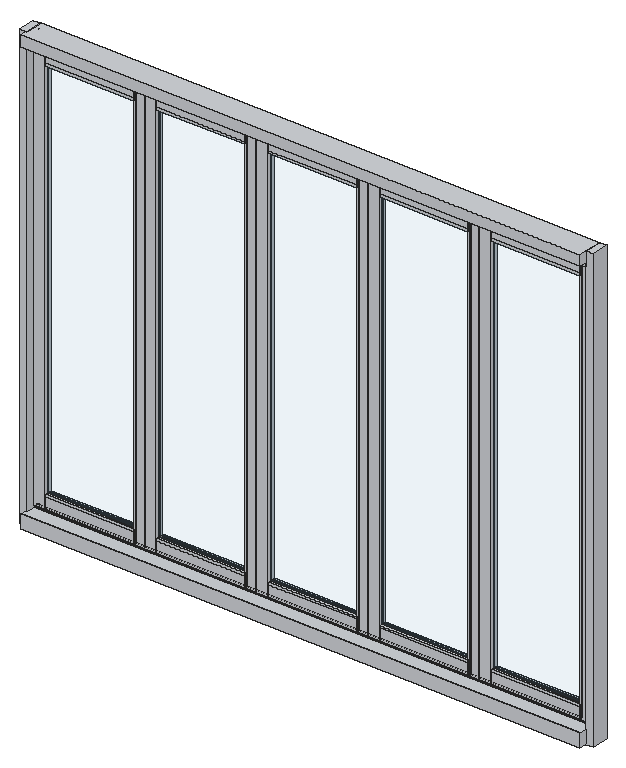
Revit family "MT-HB_BIFOLD DOOR_XXXXX", category Doors, host Wall, Revit 2017
Family settings
  Host = Wall
  OmniClass Number = 23.30.20.00
  OmniClass Title = Windows
  Always vertical = Yes
  Cut with Voids When Loaded = No
  Shared = No
  Room Calculation Point = No
Parameters (values of type "3L1R/1L3R")
  YEAR = "2019"  # constant formula
  Width = 3500 mm
  WARNING = if(or((PANEL HEIGHT > MAX PANEL HEIGHT), (PANEL WIDTH > MAX PANEL WIDTH)), 1 = 1, 0 = 1)  # no
  VERSION = "2.1"  # constant formula
  URL = "WWW.ALSPEC.COM.AU"
  TOP PANEL POSITION = PANEL HEIGHT - 16 mm  # 2490.8 mm
  TOLERANCE = 50 mm
  SINGLE GLAZED THICKNESS = 5 mm
  Rough Width = if(Width > MAX WIDTH, (MAX WIDTH + (TOLERANCE * 2)), (Width + (TOLERANCE * 2)))  # 3600 mm
  Rough Height = if(Height > (MAX HEIGHT), (MAX HEIGHT + TOLERANCE * 2), (Height + TOLERANCE * 2))  # 2800 mm
  PANEL WIDTH = if([150mm FRAME THICKNESS], ((OVERALL FRAME WIDTH - (2 mm * 44.4 + 2 mm * 6 + 4 mm + 4 mm + 4 mm + 4 mm)) / 5), ((OVERALL FRAME WIDTH - (2 mm * 44.4 + 2 mm * 6 + 4 mm + 4 mm + 4 mm + 4 mm)) / 5))  # 676.64 mm
  PANEL HEIGHT = if([150mm FRAME THICKNESS], (OVERALL FRAME HEIGHT - (8 mm + 90.3 mm + 86.9 mm + 8 mm)), (OVERALL FRAME HEIGHT - (8 mm + 75.3 mm + 34.6 mm)))  # 2506.8 mm
  OVERALL FRAME WIDTH = if(Width > MAX WIDTH, MAX WIDTH, Width)  # 3500 mm
  OVERALL FRAME HEIGHT = if(Height > MAX HEIGHT, MAX HEIGHT, Height)  # 2700 mm
  OFFSET = 10 mm
  Model = "HAWKESBURY TOP HUNG COMMERCIAL MULTI-FOLD DOOR "  # constant formula
  Manufacturer = "ALSPEC"
  MAX WIDTH = 5000 mm  # constant formula
  MAX PANEL WIDTH = 1000 mm  # constant formula
  MAX PANEL HEIGHT = 3000 mm  # constant formula
  MAX HEIGHT = 3000 mm  # constant formula
  Height = 2700 mm
  GLAZED MATERIAL = Glass
  FRAME THICKNESS = if([150mm FRAME THICKNESS], 76 mm, 101.6 mm)  # 76 mm
  FRAME MATERIAL = none
  Default Sill Height = 0 mm
  Wall Closure = By host
  DOUBLE GLAZED THICKNESS = 18 mm
  DOUBLE GLAZED = no
  DETAIL_DEPTH SILL = if([150mm FRAME THICKNESS], 150 mm, 101.6 mm)  # 150 mm
  CREATOR = "SCOTT ISOUARD"  # constant formula
  COMPANY = "ARCHVIS"  # constant formula
  BOT PANEL POSITION = if([150mm FRAME THICKNESS], 94.9 mm, 34.6 mm)  # 94.9 mm
  Analytic Construction = "<None>"
  ANZRC COMPLIANT = "YES"  # constant formula
  AIR POCKET = 8 mm
  A = 4 mm
  5L/5R = no
  4L1R/1L4R = no
  3L2R/2L3R = yes
  150mm FRAME THICKNESS = not([101.6mm FRAME THICKNESS])  # yes
  101.6mm FRAME THICKNESS = no
Reference planes
  plane 1 "Center (Front/Back)": y = 0
  plane 2 "Center (Left/Right)": x = 0
  plane 3 "Left": x = -1800
  plane 4 "Right": x = 1800
  plane 5 "Sill": z = 0
  plane 6 "Head": z = 2800
  plane 7 "Exterior": y = 100
  plane 8 "Interior": y = -100
  plane 9: x = -1750
  plane 10: x = 1750
  plane 11: y = 90
  plane 12: z = 50
  plane 13: z = 144.9
  plane 14: y = 14
  plane 15 "FRAME CENTRE": y = 42
  plane 16: y = 52.5
  plane 17: x = -1699.6
  plane 18: x = -1705.6
  plane 19: x = 1699.6
  plane 20: x = 1705.6
  plane 21: x = -1020.96
  plane 22: x = 340.32
  plane 23: z = 2750
  plane 24: x = -1022.96
  plane 25: x = -1018.96
  plane 26: x = 338.32
  plane 27: x = 342.32
  plane 28: x = -1361.28
  plane 29: x = 0
  plane 30: x = 1361.28
  plane 31: x = 1020.96
  plane 32: x = 1018.96
  plane 33: x = 1022.96
  plane 34: x = 680.64
  plane 35: x = -340.32
  plane 36: x = -342.32
  plane 37: x = -338.32
  plane 38: x = -680.64
  plane 39: z = 1398.3
  plane 40: z = 2651.7
Forms (mm)
  Sweep 1, solid, material <- "FRAME MATERIAL"
    path origin (-2077.482, 90, 1000) x (-1, 0, 0) y (0, 0, 1)
      loop
        line (-3827.482, -950) -> (-3827.482, 1750)
    profile "HB25_MAIN FRAME : VM13_SINGLE GLAZED INTERLOCK STILE" origin (1750, 90, 1400) x (1, 0, 0) y (0, 1, 0)
      loop
        line (-44.4, 0) -> (-44.4, -101.6) -> (0, -101.6) -> (0, 0) -> (-44.4, 0)
  Sweep 2, solid, material <- "FRAME MATERIAL"
    path origin (-2077.482, 90, 1000) x (-1, 0, 0) y (0, 0, 1)
      loop
        line (-327.482, -950) -> (-327.482, 1750)
    profile "HB25_MAIN FRAME : VM13_SINGLE GLAZED INTERLOCK STILE" origin (-1750, 90, 1400) x (1, 0, 0) y (0, 1, 0)
      loop
        line (44.4, 0) -> (0, 0) -> (0, -101.6) -> (44.4, -101.6) -> (44.4, 0)
  Sweep 3, solid, material <- "FRAME MATERIAL", visible <- "101.6mm FRAME THICKNESS"
    path origin (-2077.482, 90, 1000) x (-1, 0, 0) y (0, 0, 1)
      loop
        line (-3783.082, 1750) -> (-371.882, 1750)
    profile "HB1_HEAD FRAME : VM13_SINGLE GLAZED INTERLOCK STILE" origin (0, 90, 2750) x (0, 0, 1) y (0, 1, 0)
      loop
        line (0, -101.6) -> (0, 0) -> (-75.3, 0) -> (-75.3, -1.63) -> (-91.3, -1.63) -> (-91.3, -9.63) -> (-78.7, -9.63) -> (-78.101, -3.63) -> (-75.3, -3.63) -> (-75.3, -31.401) -> (-73.3, -31.401) -> (-73.3, -30.401) -> (-64.242, -30.346) -> (-61.458, -27.75) -> (-4.5, -27.75) -> (-2.5, -29.75) -> (-2.5, -44.33) -> (-12.1, -44.33) -> (-12.1, -42.03) -> (-9.6, -41.36) -> (-9.6, -39.63) -> (-14.6, -39.63) -> (-14.6, -46.83) -> (-5, -46.83) -> (-3, -48.83) -> (-3, -98.6) -> (-67.3, -98.6) -> (-67.3, -96.75) -> (-65.8, -96.348) -> (-65.8, -94.8) -> (-69.1, -94.8) -> (-69.1, -98.6) -> (-73.3, -98.6) -> (-73.3, -94.8) -> (-75.3, -94.8) -> (-75.3, -101.6) -> (0, -101.6)
  Sweep 4, solid, material <- "FRAME MATERIAL", visible <- "101.6mm FRAME THICKNESS"
    path origin (-2077.482, 90, 1000) x (-1, 0, 0) y (0, 0, 1)
      loop
        line (-3783.082, -950) -> (-371.882, -950)
    profile "HB41&42S_SILL JAMB : HB41&42S_SILL JAMB" origin (0, 90, 50) x (0, 0, 1) y (0, 1, 0)
      loop
        line (0, -101.6) -> (24.4, -101.6) -> (24.4, -51.3) -> (26.6, -51.3) -> (26.6, -25.28) -> (13.6, -25.28) -> (13.6, -16.55) -> (14.459, -16.55)
        arc (14.459, -16.55) -> (17.801, -15.333) -> (19.58, -12.253) r 5.2
        line (19.58, -12.253) -> (21.1, -3.63) -> (34.41, -3.63) -> (35.01, -9.63) -> (47.11, -9.63) -> (47.63, -1.63) -> (19.6, -1.63) -> (19.6, 0) -> (0, 0) -> (0, -101.6)
  Sweep 5, solid, material <- "FRAME MATERIAL", visible <- "101.6mm FRAME THICKNESS"
    path origin (-2077.482, 90, 1000) x (-1, 0, 0) y (0, 0, 1)
      loop
        line (-3783.082, 1750) -> (-371.882, 1750)
    profile "HB3_TRACK : VM13_SINGLE GLAZED INTERLOCK STILE" origin (0, 90, 2750) x (0, 0, 1) y (0, 1, 0)
      loop
        line (-17.6, -39.4) -> (-9.6, -39.4) -> (-9.6, -41.56) -> (-11.6, -42.096) -> (-11.6, -43.314) -> (-8.342, -44.01) -> (-6.5, -40.82) -> (-6.5, -36.8) -> (-65.3, -36.8) -> (-65.3, -44.2) -> (-74.5, -44.2) -> (-75.3, -45) -> (-75.3, -45.8) -> (-67.096, -45.8) -> (-67.096, -56.3) -> (-58.1, -56.3) -> (-58.1, -53.8) -> (-62.099, -53.8) -> (-62.099, -39.4) -> (-20.5, -39.4) -> (-20.5, -96.2) -> (-62.099, -96.2) -> (-62.099, -81.8) -> (-58.1, -81.8) -> (-58.1, -79.3) -> (-67.096, -79.3) -> (-67.096, -98.561) -> (-17.6, -98.561) -> (-17.6, -39.4)
  Sweep 6, solid, material <- "FRAME MATERIAL", visible <- "150mm FRAME THICKNESS"
    path origin (-2077.482, 90, 1000) x (-1, 0, 0) y (0, 0, 1)
      loop
        line (-3783.082, 1750) -> (-371.882, 1750)
    profile "HB26_HEAD FRAME : VM13_SINGLE GLAZED INTERLOCK STILE" origin (0, 90, 2750) x (0, 0, 1) y (0, 1, 0)
      loop
        line (0, -150.03) -> (0, 0) -> (-90.3, 0) -> (-90.3, -1.63) -> (-106.3, -1.63) -> (-106.3, -9.63) -> (-93.7, -9.63) -> (-93.101, -3.63) -> (-90.3, -3.63) -> (-90.3, -31.401) -> (-88.3, -31.401) -> (-88.3, -30.401) -> (-79.242, -30.346) -> (-76.458, -27.75) -> (-20, -27.75) -> (-18, -29.75) -> (-18, -44.33) -> (-27.1, -44.33) -> (-27.1, -42.03) -> (-24.6, -41.36) -> (-24.6, -39.63) -> (-29.6, -39.63) -> (-29.6, -47.33) -> (-20, -47.33) -> (-18, -49.33) -> (-18, -98.6) -> (-82.3, -98.6) -> (-82.3, -96.75) -> (-80.8, -96.348) -> (-80.8, -94.8) -> (-84.1, -94.8) -> (-84.1, -98.6) -> (-88.3, -98.6) -> (-88.3, -94.8) -> (-90.3, -94.8) -> (-90.3, -101.6) -> (-65, -101.6) -> (-65, -150.03) -> (0, -150.03)
  Sweep 7, solid, material <- "FRAME MATERIAL", visible <- "150mm FRAME THICKNESS"
    path origin (-2077.482, 90, 1000) x (-1, 0, 0) y (0, 0, 1)
      loop
        line (-3783.082, 1750) -> (-371.882, 1750)
    profile "HB3_TRACK : VM13_SINGLE GLAZED INTERLOCK STILE" origin (0, 90, 2750) x (0, 0, 1) y (0, 1, 0)
      loop
        line (-32.6, -39.4) -> (-24.6, -39.4) -> (-24.6, -41.56) -> (-26.6, -42.096) -> (-26.6, -43.314) -> (-23.342, -44.01) -> (-21.5, -40.82) -> (-21.5, -36.8) -> (-80.3, -36.8) -> (-80.3, -44.2) -> (-89.5, -44.2) -> (-90.3, -45) -> (-90.3, -45.8) -> (-82.096, -45.8) -> (-82.096, -56.3) -> (-73.1, -56.3) -> (-73.1, -53.8) -> (-77.099, -53.8) -> (-77.099, -39.4) -> (-35.5, -39.4) -> (-35.5, -96.2) -> (-77.099, -96.2) -> (-77.099, -81.8) -> (-73.1, -81.8) -> (-73.1, -79.3) -> (-82.096, -79.3) -> (-82.096, -98.561) -> (-32.6, -98.561) -> (-32.6, -39.4)
  Sweep 8, solid, material <- "FRAME MATERIAL", visible <- "150mm FRAME THICKNESS"
    path origin (-2077.482, 90, 1000) x (-1, 0, 0) y (0, 0, 1)
      loop
        line (-3783.082, -950) -> (-371.882, -950)
    profile "HB27S_SILL JAMB : HB27S_SILL JAMB" origin (0, 90, 50) x (0, 0, 1) y (0, 1, 0)
      loop
        line (0, -150) -> (83.861, -150) -> (83.861, -145) -> (81.116, -145) -> (77.864, -51.87) -> (85.861, -51.87)
        arc (85.861, -51.87) -> (86.568, -51.577) -> (86.861, -50.87) r 1
        line (86.861, -50.87) -> (86.861, -45.47)
        arc (86.861, -45.47) -> (85.361, -43.97) -> (83.861, -45.47) r 1.5
        line (83.861, -45.47) -> (83.861, -48.07)
        arc (83.861, -48.07) -> (83.627, -48.636) -> (83.061, -48.87) r 0.8
        line (83.061, -48.87) -> (65.761, -48.87)
        arc (65.761, -48.87) -> (65.054, -48.577) -> (64.761, -47.87) r 1
        line (64.761, -47.87) -> (64.761, -26.07) -> (83.861, -26.07) -> (83.861, -29.47)
        arc (83.861, -29.47) -> (85.361, -30.97) -> (86.861, -29.47) r 1.5
        line (86.861, -29.47) -> (86.861, -25.017)
        arc (86.861, -25.017) -> (86.471, -24.224) -> (85.605, -24.05) r 1
        line (85.605, -24.05) -> (73.987, -23.87) -> (73.987, -12.754) -> (82.141, -4.6) -> (89.771, -4.6) -> (90.271, -9.6) -> (104.346, -9.6) -> (104.346, -1.6) -> (79.861, -1.6) -> (79.861, 0) -> (0, 0) -> (0, -150)
Lines and regions (mm)
  Opening 1
    outline origin (3500, -100, 0) x (1, 0, 0) y (0, 0, 1)
      loop
        line (-1700, 0) -> (-1700, 2800) -> (-5300, 2800) -> (-5300, 0) -> (-1700, 0)
  Masking region 1, visible <- "150mm FRAME THICKNESS", detail levels coarse
    outline origin (0, 0, 0) x (0, -1, 0) y (0, 0, 1)
      loop
        line (60, 50) -> (60, 133.861) -> (55, 133.861) -> (55, 131.116) -> (-38.13, 127.864) -> (-38.13, 136.861) -> (-65.93, 136.861) -> (-66.13, 123.987) -> (-77.246, 123.987) -> (-85.4, 132.141) -> (-85.4, 139.771) -> (-80.4, 140.271) -> (-80.4, 154.346) -> (-88.4, 154.346) -> (-88.4, 129.861) -> (-90, 129.861) -> (-90, 50) -> (60, 50)
  Masking region 2, visible <- "101.6mm FRAME THICKNESS", detail levels coarse
    outline origin (0, 0, 0) x (0, -1, 0) y (0, 0, 1)
      loop
        line (11.6, 50) -> (11.6, 76.6) -> (-64.72, 76.6) -> (-64.72, 63.6) -> (-73.45, 63.6)
        arc (-73.45, 63.6) -> (-74.382, 67.464) -> (-77.747, 69.58) r 5.272
        line (-77.747, 69.58) -> (-86.37, 71.1) -> (-86.37, 84.41) -> (-80.37, 85.01) -> (-80.37, 97.11) -> (-88.37, 97.63) -> (-88.37, 69.6) -> (-90, 69.6) -> (-90, 50) -> (11.6, 50)
  symbolic lines, style "DoorsOpeningProjection"
    curve 1: line (1699.6, 90, 2651.7) -> (1022.96, 90, 1398.3)
    curve 2: line (1022.96, 90, 1398.3) -> (1699.6, 90, 144.9)
    curve 3: line (338.32, 90, 2651.7) -> (-338.32, 90, 1398.3)
    curve 4: line (-338.32, 90, 1398.3) -> (338.32, 90, 144.9)
    curve 7: line (1018.96, 90, 2651.7) -> (342.32, 90, 1398.3)
    curve 8: line (342.32, 90, 1398.3) -> (1018.96, 90, 144.9)
  symbolic lines, style "DoorsOpeningProjection", visible <- "3L2R/2L3R"
    curve 5: line (-1699.6, 90, 2651.7) -> (-1022.96, 90, 1398.3)
    curve 6: line (-1022.96, 90, 1398.3) -> (-1699.6, 90, 144.9)
    curve 9: line (-1018.96, 90, 2651.7) -> (-342.32, 90, 1398.3)
    curve 10: line (-342.32, 90, 1398.3) -> (-1018.96, 90, 144.9)
  symbolic lines, style "DoorsOpeningProjection", visible <- "4L1R/1L4R"
    curve 11: line (-342.32, 90, 2651.7) -> (-1018.96, 90, 1398.3)
    curve 12: line (-1018.96, 90, 1398.3) -> (-342.32, 90, 144.9)
    curve 13: line (-1699.6, 90, 2651.7) -> (-1022.96, 90, 1398.3)
    curve 14: line (-1022.96, 90, 1398.3) -> (-1699.6, 90, 144.9)
  symbolic lines, style "DoorsOpeningProjection", visible <- "5L/5R"
    curve 15: line (-342.32, 90, 2651.7) -> (-1018.96, 90, 1398.3)
    curve 16: line (-1018.96, 90, 1398.3) -> (-342.32, 90, 144.9)
    curve 17: line (-1022.96, 90, 2651.7) -> (-1699.6, 90, 1398.3)
    curve 18: line (-1699.6, 90, 1398.3) -> (-1022.96, 90, 144.9)
  symbolic lines, style "Doors"
    curve 19: line (1170.96, -180.117, 0) -> (870.96, -180.117, 0)
    curve 20: line (870.96, -180.117, 0) -> (950.51, -259.666, 0)
    curve 21: line (-1170.96, -180.117, 0) -> (-870.96, -180.117, 0)
    curve 22: line (-870.96, -180.117, 0) -> (-950.51, -259.666, 0)
    curve 23: line (490.32, -180.117, 0) -> (190.32, -180.117, 0)
    curve 24: line (190.32, -180.117, 0) -> (269.87, -259.666, 0)
Text (mm)
  text "EXTERIOR" at (-1981.466, -1084.675, 0), in view "Ref. Level"
  text "INTERIOR" at (-1981.466, 1281.614, 0), in view "Ref. Level"
  text "Exterior" at (0, 923.751, 2943.296), in view "Right"
  text "Exterior" at (0, 1040.484, 2685.409), in view "Left"
Dimensions and locks
  equal spacing: plane 3 "Left", plane 2 "Center (Left/Right)", plane 4 "Right"
  "Rough Width": plane 3 "Left" to plane 4 "Right"
  "Rough Height": plane 5 "Sill" to plane 6 "Head"
  "Default Sill Height": plane 5 "Sill" to level
  locked: plane 7 "Exterior" to host wall at 0
  locked: plane 8 "Interior" to host wall
  "OFFSET": plane 11 to plane 7 "Exterior"
  "OVERALL FRAME WIDTH": plane 9 to plane 10
  "BOT PANEL POSITION": plane 12 to plane 13
  "FRAME THICKNESS": plane 11 to plane 14
  locked: plane 9 to plane 18 at 44.4
  locked: plane 20 to plane 10 at 44.4
  locked: plane 18 to plane 17 at 6
  locked: plane 19 to plane 20 at 6
  locked: plane 11 to plane 16 at 37.5
  "OVERALL FRAME HEIGHT": plane 12 to plane 23
  "TOLERANCE": plane 5 "Sill" to plane 12
  locked: nested 14 to plane 11 at 1.03
  nested 14 to plane 12 = 60.261 mm
  locked: plane 23 to nested 16 at 15
  equal spacing: plane 24, plane 21, plane 25
  "A": plane 24 to plane 25
  equal spacing: plane 26, plane 22, plane 27
  "A": plane 26 to plane 27
  "TOLERANCE": plane 3 "Left" to plane 9
  equal spacing: plane 32, plane 31, plane 33
  "A": plane 32 to plane 33
  equal spacing: plane 17, plane 28, plane 24
  equal spacing: plane 37, plane 29, plane 26
  equal spacing: plane 27, plane 34, plane 32
  equal spacing: plane 33, plane 30, plane 19
  equal spacing: plane 36, plane 35, plane 37
  equal spacing: plane 25, plane 38, plane 36
  "A": plane 36 to plane 37
  "PANEL WIDTH": plane 17 to plane 24
  "PANEL WIDTH": plane 25 to plane 36
  "PANEL WIDTH": plane 37 to plane 26
  "PANEL WIDTH": plane 27 to plane 32
  locked: nested 14 to plane 12 at 60.261
  locked: plane 40 to plane 23 at 98.3
  equal spacing: plane 13, plane 39, plane 40
  curve 21 to curve 22 = 300 mm
  locked: plane 8 "Interior" to curve 19 at 80.117
  locked: plane 8 "Interior" to curve 23 at 80.117
  equal spacing: curve 20, plane 31, curve 19
  equal spacing: curve 24, plane 22, curve 23
  equal spacing: curve 21, plane 21, curve 22
  locked: curve 21 to plane 8 "Interior" at 80.117
  aligned and locked: nested 1 to plane 2 "Center (Left/Right)"
  aligned and locked: Sweep 1 sketch curve to plane 10
  aligned and locked: plane 12 to Sweep 1 sketch curve
  aligned and locked: Sweep 2 sketch curve to plane 9
  aligned and locked: Sweep 2 sketch curve to plane 12
  aligned and locked: Sweep 4 sketch curve to plane 12
  aligned and locked: nested 2 to plane 16
  aligned and locked: nested 3 to plane 16
  aligned and locked: plane 9 to nested 4
  aligned and locked: nested 4 to plane 11
  aligned and locked: plane 11 to nested 5
  aligned and locked: plane 10 to nested 5
  aligned and locked: nested 6 to plane 11
  aligned and locked: nested 6 to plane 12
  aligned and locked: nested 7 to plane 11
  aligned and locked: nested 7 to plane 23
  aligned and locked: Sweep 3 sketch curve to plane 23
  aligned and locked: Sweep 5 sketch curve to plane 23
  aligned and locked: plane 23 to Sweep 1 sketch curve
  aligned and locked: plane 23 to Sweep 2 sketch curve
  aligned and locked: nested 8 to plane 23
  aligned and locked: nested 8 to plane 11
  aligned and locked: Sweep 6 sketch curve to plane 23
  aligned and locked: Sweep 7 sketch curve to plane 23
  aligned and locked: nested 9 to plane 11
  aligned and locked: nested 9 to plane 12
  aligned and locked: plane 17 to nested 10
  aligned and locked: nested 10 to plane 16
  aligned and locked: nested 11 to plane 16
  aligned and locked: plane 19 to nested 12
  aligned and locked: plane 16 to nested 12
  aligned and locked: nested 13 to plane 12
  aligned and locked: nested 13 to plane 11
  aligned and locked: Sweep 8 sketch curve to plane 12
  aligned and locked: Masking region 1 sketch curve to Sweep 8  (x17)
  aligned and locked: Masking region 2 sketch curve to Sweep 4  (x13)
  aligned and locked: nested 15 to plane 11
  aligned and locked: nested 15 to plane 2 "Center (Left/Right)"
  aligned and locked: nested 17 to plane 11
  aligned and locked: nested 16 to plane 11
  aligned and locked: nested 17 to plane 23
  aligned and locked: plane 28 to nested 2
  aligned and locked: plane 30 to nested 3
  aligned and locked: plane 21 to nested 11
  aligned and locked: plane 29 to nested 18
  aligned and locked: nested 18 to plane 16
  aligned and locked: plane 34 to nested 19
  aligned and locked: nested 19 to plane 16
  aligned and locked: plane 31 to nested 20
  aligned and locked: nested 20 to plane 16
  aligned and locked: nested 3 to curve 1
  aligned and locked: plane 38 to nested 21
  aligned and locked: nested 21 to plane 16
  aligned and locked: nested 22 to plane 16
  aligned and locked: plane 35 to nested 22
  aligned and locked: plane 22 to nested 23
  aligned and locked: nested 23 to plane 16
  aligned and locked: plane 22 to nested 24
  aligned and locked: nested 24 to plane 16
  aligned and locked: plane 22 to nested 25
  aligned and locked: nested 25 to plane 16
  aligned and locked: plane 31 to nested 26
  aligned and locked: nested 26 to plane 16
  aligned and locked: plane 31 to nested 27
  aligned and locked: nested 27 to plane 16
  aligned and locked: plane 19 to nested 28
  aligned and locked: plane 16 to nested 28
  aligned and locked: nested 29 to plane 19
  aligned and locked: plane 16 to nested 29
  aligned and locked: plane 35 to nested 30
  aligned and locked: nested 30 to plane 16
Automatic sketch dimensions
  Opening 1 sketch curve to plane 3 "Left" = 0 mm
  Opening 1 sketch curve to plane 4 "Right" = 0 mm
  Opening 1 sketch curve to plane 5 "Sill" = 0 mm
  Opening 1 sketch curve to plane 6 "Head" = 0 mm
  Sweep 3 sketch curve to plane 18 = 0 mm
  Sweep 4 sketch curve to plane 18 = 0 mm
  Sweep 3 sketch curve to plane 20 = 0 mm
  Sweep 4 sketch curve to plane 20 = 0 mm
  Sweep 5 sketch curve to plane 20 = 0 mm
  Sweep 5 sketch curve to plane 18 = 0 mm
  Sweep 6 sketch curve to plane 20 = 0 mm
  Sweep 6 sketch curve to plane 18 = 0 mm
  Sweep 7 sketch curve to plane 20 = 0 mm
  Sweep 7 sketch curve to plane 18 = 0 mm
  Sweep 8 sketch curve to plane 20 = 0 mm
  Sweep 8 sketch curve to plane 18 = 0 mm
  Masking region 2 sketch curve to Masking region 2 sketch curve = 0.788 mm
  Masking region 2 sketch curve to Masking region 2 sketch curve = 5.212 mm
  Masking region 2 sketch curve to Masking region 2 sketch curve = 0.915 mm
  curve 2 to plane 13 = 0 mm
  curve 2 to plane 19 = 0 mm
  curve 1 to plane 19 = 0 mm
  curve 1 to plane 33 = 0 mm
  curve 7 to plane 32 = 0 mm
  curve 8 to plane 13 = 0 mm
  curve 8 to plane 32 = 0 mm
  curve 7 to plane 27 = 0 mm
  curve 3 to plane 26 = 0 mm
  curve 4 to plane 13 = 0 mm
  curve 4 to plane 26 = 0 mm
  curve 4 to plane 37 = 0 mm
  curve 15 to plane 36 = 0 mm
  curve 12 to plane 13 = 0 mm
  curve 12 to plane 36 = 0 mm
  curve 11 to plane 36 = 0 mm
  curve 16 to plane 13 = 0 mm
  curve 16 to plane 36 = 0 mm
  curve 10 to plane 36 = 0 mm
  curve 9 to plane 25 = 0 mm
  curve 10 to plane 13 = 0 mm
  curve 10 to plane 25 = 0 mm
  curve 16 to plane 25 = 0 mm
  curve 13 to plane 24 = 0 mm
  curve 18 to plane 13 = 0 mm
  curve 18 to plane 24 = 0 mm
  curve 17 to plane 24 = 0 mm
  curve 5 to plane 17 = 0 mm
  curve 6 to plane 13 = 0 mm
  curve 6 to plane 17 = 0 mm
  curve 17 to plane 17 = 0 mm
  curve 14 to plane 13 = 0 mm
  curve 14 to plane 17 = 0 mm
  curve 13 to plane 17 = 0 mm
  curve 5 to plane 39 = 0 mm
  curve 4 to plane 39 = 0 mm
  curve 7 to plane 39 = 0 mm
  curve 18 to plane 39 = 0 mm
  curve 16 to plane 39 = 0 mm
  curve 9 to plane 39 = 0 mm
  curve 13 to plane 40 = 0 mm
  curve 15 to plane 40 = 0 mm
  curve 11 to plane 40 = 0 mm
  curve 9 to plane 40 = 0 mm
  curve 7 to plane 40 = 0 mm
  curve 17 to plane 40 = 0 mm
  curve 5 to plane 40 = 0 mm
  curve 3 to plane 40 = 0 mm
  curve 1 to plane 40 = 0 mm
  curve 22 to plane 38 = 269.87 mm
  curve 20 to plane 30 = 410.77 mm
  curve 24 to curve 23 = 79.55 mm
  curve 20 to curve 19 = 79.55 mm
  curve 22 to curve 21 = 79.55 mm  (x2)
  curve 23 to curve 24 = 79.55 mm
  curve 20 to curve 20 = 79.55 mm
  curve 23 to plane 26 = 148 mm
Nested families
  nested 1: "WARNING TAG" at (0, -1174.525, 0), MAX.HEIGHT <- "MAX PANEL HEIGHT", MAX.WIDTH <- "MAX PANEL WIDTH", visible <- "WARNING", type "WARNING TAG"
    with MAX.WIDTH 1000 mm, MAX.HEIGHT 3000 mm
  nested 2: "HB_DB-SG_GLAZED TOP PANEL" at (-1361.28, 52.5, 144.9), Sash Material <- "FRAME MATERIAL", type "HB_DB-SG_GLAZED TOP PANEL"
  nested 3: "HB_DB-SG_GLAZED TOP PANEL" at (1361.28, 52.5, 144.9), Sash Material <- "FRAME MATERIAL", type "HB_DB-SG_GLAZED TOP PANEL"
  nested 4: "DETAIL_HB25_MAIN FRAME" at (-1750, 90, 0), type "DETAIL_HB25_MAIN FRAME", detail levels fine
  nested 5: "DETAIL_HB25_MAIN FRAME" at (1750, 90, 0) x (-1, 0, 0) z (0, 0, 1), type "DETAIL_HB25_MAIN FRAME", detail levels fine
  nested 6: "DETAIL_HB41&42S_SILL JAMB" at (0, 90, 50) x (0, -1, 0) z (-1, 0, 0), visible <- "101.6mm FRAME THICKNESS", type "DETAIL_HB41&42S_SILL JAMB", detail levels fine
  nested 7: "DETAIL_HB1_HEAD FRAME" at (0, 90, 2750) x (0, -1, 0) z (-1, 0, 0), visible <- "101.6mm FRAME THICKNESS", type "DETAIL_HB1_HEAD FRAME", detail levels fine
  nested 8: "DETAIL_HB26_HEAD FRAME" at (0, 90, 2750) x (0, -1, 0) z (-1, 0, 0), visible <- "150mm FRAME THICKNESS", type "DETAIL_HB26_HEAD FRAME", detail levels fine
  nested 9: "DETAIL_HB27S_SILL JAMB" at (0, 90, 50) x (0, -1, 0) z (-1, 0, 0), visible <- "150mm FRAME THICKNESS", type "DETAIL_HB27S_SILL JAMB", detail levels fine
  nested 10: "DETAIL_HB_DETAIL 3" at (-1699.6, 52.5, 0), type "DETAIL_HB_DETAIL 3", detail levels fine
  nested 11: "DETAIL_HB_DETAIL 4" at (-1020.96, 52.5, 0), type "DETAIL_HB_DETAIL 4", detail levels fine
  nested 12: "DETAIL_HB_DETAIL 3" at (1699.6, 52.5, 0) x (-1, 0, 0) z (0, 0, 1), visible <- "4L1R/1L4R", type "DETAIL_HB_DETAIL 3", detail levels fine
  nested 13: "DETAIL_HB_DETAIL 2" at (0, 90, 50) x (0, -1, 0) z (-1, 0, 0), visible <- "101.6mm FRAME THICKNESS", type "DETAIL_HB_DETAIL 2", detail levels fine
  nested 14: "DETAIL_HB_DETAIL 2" at (0, 91.03, 110.261) x (0, -1, 0) z (-1, 0, 0), visible <- "150mm FRAME THICKNESS", type "DETAIL_HB_DETAIL 2", detail levels fine
  nested 15: "DETAIL_HB_RECTANGE" at (0, 90, 0), Width <- "OVERALL FRAME WIDTH", Depth <- "DETAIL_DEPTH SILL", type "DETAIL_HB_RECTANGE"
    with Width 3500 mm, Depth 150 mm
  nested 16: "DETAIL_HB3_TRACK" at (0, 90, 2735) x (0, -1, 0) z (-1, 0, 0), visible <- "150mm FRAME THICKNESS", type "DETAIL_HB3_TRACK", detail levels fine
  nested 17: "DETAIL_HB3_TRACK" at (0, 90, 2750) x (0, -1, 0) z (-1, 0, 0), visible <- "101.6mm FRAME THICKNESS", type "DETAIL_HB3_TRACK", detail levels fine
  nested 18: "HB_DB-SG_GLAZED TOP PANEL" at (0, 52.5, 144.9), Sash Material <- "FRAME MATERIAL", type "HB_DB-SG_GLAZED TOP PANEL"
  nested 19: "HB_DB-SG_GLAZED TOP PANEL" at (680.64, 52.5, 144.9), Sash Material <- "FRAME MATERIAL", type "HB_DB-SG_GLAZED TOP PANEL"
  nested 20: "DETAIL_HB_DETAIL 5" at (1020.96, 52.5, 0), visible <- "4L1R/1L4R", type "DETAIL_HB_DETAIL 5", detail levels fine
  nested 21: "HB_DB-SG_GLAZED TOP PANEL" at (-680.64, 52.5, 144.9), Sash Material <- "FRAME MATERIAL", type "HB_DB-SG_GLAZED TOP PANEL"
  nested 22: "DETAIL_HB_DETAIL 6" at (-340.32, 52.5, 0), visible <- "4L1R/1L4R", type "DETAIL_HB_DETAIL 6", detail levels fine
  nested 23: "DETAIL_HB_DETAIL 4" at (340.32, 52.5, 0), visible <- "4L1R/1L4R", type "DETAIL_HB_DETAIL 4", detail levels fine
  nested 24: "DETAIL_HB_DETAIL 5" at (340.32, 52.5, 0), visible <- "3L2R/2L3R", type "DETAIL_HB_DETAIL 5", detail levels fine
  nested 25: "DETAIL_HB_DETAIL 4" at (340.32, 52.5, 0), visible <- "5L/5R", type "DETAIL_HB_DETAIL 4"
  nested 26: "DETAIL_HB_DETAIL 4" at (1020.96, 52.5, 0), visible <- "3L2R/2L3R", type "DETAIL_HB_DETAIL 4"
  nested 27: "DETAIL_HB_DETAIL 6" at (1020.96, 52.5, 0), visible <- "5L/5R", type "DETAIL_HB_DETAIL 6"
  nested 28: "DETAIL_HB_DETAIL 3" at (1699.6, 52.5, 0) x (-1, 0, 0) z (0, 0, 1), visible <- "3L2R/2L3R", type "DETAIL_HB_DETAIL 3", detail levels fine
  nested 29: "DETAIL_HB_DETAIL 7" at (1699.6, 52.5, 0) x (-1, 0, 0) z (0, 0, 1), visible <- "5L/5R", type "DETAIL_HB_DETAIL 7"
  nested 30: "DETAIL_HB_DETAIL 6" at (-340.32, 52.5, 0), visible <- "3L2R/2L3R", type "DETAIL_HB_DETAIL 6", detail levels fine
Definition of nested family "HB_DB-SG_GLAZED TOP PANEL"
  Parameters (values of type "HB_DB-SG_GLAZED TOP PANEL")
    YEAR = "2018"  # constant formula
    VERSION = "2.0"  # constant formula
    TODAYS DATE = "22/11/2018"  # constant formula
    Sash Material [instance] = none
    SINGLE GLAZED THICKNESS = 5 mm
    SINGLE GLAZED = not(DOUBLE GLAZED)  # yes
    PANEL WIDTH = 676.64 mm
    PANEL HEIGHT = 2506.8 mm
    JAMP WIDTH = if(DOUBLE GLAZED, 75 mm, 68 mm)  # 68 mm
    HEAD_JAMP HEIGHT = if(DOUBLE GLAZED, 93 mm, 83 mm)  # 83 mm
    GLAZED WIDTH [instance] = 556.64 mm
    GLAZED RAIL MATERIAL = none
    GLAZED MATERIAL = none
    Default Elevation = 1219.2 mm
    DOUBLE GLAZED THICKNESS = 18 mm
    DOUBLE GLAZED = no
    CREATOR = "Scott Isouard"  # constant formula
    COMPANY = "Archvis"  # constant formula
    Analytic Construction = "<None>"
    ANZRC COMPLIANT = "Yes"  # constant formula
    AIR POCKET = DOUBLE GLAZED THICKNESS - 10 mm  # 8 mm
  Types (3, lengths in mm): name | SINGLE GLAZED | PANEL WIDTH | PANEL HEIGHT | JAMP WIDTH | HEAD_JAMP HEIGHT | GLAZED WIDTH | DOUBLE GLAZED THICKNESS | DOUBLE GLAZED | AIR POCKET
    HB_DB-SG_GLAZED TOP PANEL | yes | 676.64 | 2506.8 | 68 | 83 | 556.64 | 18 | no | 8
    HB_DB-SG_GLAZED TOP PANEL_TYPE C | yes | 458.533 | 1982.1 | 68 | 83 | 338.533 | 15 | no | 5
    HB_DB-SG_GLAZED TOP PANEL_TYPE B | no | 450 | 1982.1 | 75 | 93 | 316 | 15 | yes | 5
  Reference planes
    plane 1 "Center (Front/Back)": y = 0
    plane 2: z = 0
    plane 3 "Center (Left/Right)": x = 0
    plane 4: x = -338.32
    plane 5: x = 338.32
    plane 6: x = -278.32
    plane 7: x = 278.32
    plane 8: z = 2506.8
    plane 9: z = 2423.8
    plane 10: z = 83
    plane 11: z = 1253.4
    plane 12: x = -270.32
    plane 13: x = 270.32
    plane 14: z = 73
    plane 15: z = 2433.8
  Forms (mm)
    Extrusion 1, solid, material <- "GLAZED MATERIAL", visible <- "SINGLE GLAZED"
      sketch origin (0, 0, 0) x (1, 0, 0) y (0, 1, 0)
        loop
          line (-278.32, 2.5) -> (-278.32, -2.5) -> (278.32, -2.5) -> (278.32, 2.5) -> (-278.32, 2.5)
      from 73 to 2433.8
    Extrusion 2, solid, material <- "GLAZED MATERIAL", visible <- "DOUBLE GLAZED"
      sketch origin (0, 0, 0) x (1, 0, 0) y (0, 1, 0)
        loop
          line (-278.32, 9) -> (-278.32, 4) -> (278.32, 4) -> (278.32, 9) -> (-278.32, 9)
        loop
          line (-278.32, -4) -> (-278.32, -9) -> (278.32, -9) -> (278.32, -4) -> (-278.32, -4)
      from 73 to 2433.8
    Sweep 3, solid, material <- "Sash Material", visible <- "SINGLE GLAZED"
      path origin (0, 0, 0) x (1, 0, 0) y (0, 0, 1)
        loop
          line (-338.32, 2506.8) -> (-338.32, 0)
      profile "HB14_SINGLE GLAZED DOOR STILE : HB14_SINGLE GLAZED DOOR STILE" origin (-338.32, 0, 1253.4) x (1, 0, 0) y (0, -1, 0)
        loop
          line (68, 22.5) -> (0, 22.5) -> (0, -22.5) -> (68, -22.5) -> (68, -9.5) -> (65.6, -9.5) -> (65.6, -7.802) -> (63.758, -7.132)
          arc (63.758, -7.132) -> (63.327, -7.227) -> (63.232, -7.658) r 0.411
          line (63.232, -7.658) -> (64.481, -11.09)
          arc (64.481, -11.09) -> (64.378, -11.606) -> (63.873, -11.753) r 0.507
          line (63.873, -11.753) -> (48, -7.5) -> (48, 7.5) -> (63.873, 11.753)
          arc (63.873, 11.753) -> (64.378, 11.606) -> (64.481, 11.09) r 0.507
          line (64.481, 11.09) -> (63.232, 7.658)
          arc (63.232, 7.658) -> (63.327, 7.227) -> (63.758, 7.132) r 0.411
          line (63.758, 7.132) -> (65.6, 7.802) -> (65.6, 9.5) -> (68, 9.5) -> (68, 22.5)
    Sweep 4, solid, material <- "Sash Material", visible <- "SINGLE GLAZED"
      path origin (0, 0, 0) x (1, 0, 0) y (0, 0, 1)
        loop
          line (338.32, 2506.8) -> (338.32, 0)
      profile "HB14_SINGLE GLAZED DOOR STILE : HB14_SINGLE GLAZED DOOR STILE" origin (338.32, 0, 1253.4) x (1, 0, 0) y (0, -1, 0)
        loop
          line (-68, 22.5) -> (-68, 9.5) -> (-65.6, 9.5) -> (-65.6, 7.802) -> (-63.758, 7.132)
          arc (-63.758, 7.132) -> (-63.327, 7.227) -> (-63.232, 7.658) r 0.411
          line (-63.232, 7.658) -> (-64.481, 11.09)
          arc (-64.481, 11.09) -> (-64.378, 11.606) -> (-63.873, 11.753) r 0.507
          line (-63.873, 11.753) -> (-48, 7.5) -> (-48, -7.5) -> (-63.873, -11.753)
          arc (-63.873, -11.753) -> (-64.378, -11.606) -> (-64.481, -11.09) r 0.507
          line (-64.481, -11.09) -> (-63.232, -7.658)
          arc (-63.232, -7.658) -> (-63.327, -7.227) -> (-63.758, -7.132) r 0.411
          line (-63.758, -7.132) -> (-65.6, -7.802) -> (-65.6, -9.5) -> (-68, -9.5) -> (-68, -22.5) -> (0, -22.5) -> (0, 22.5) -> (-68, 22.5)
    Sweep 5, solid, material <- "Sash Material", visible <- "DOUBLE GLAZED"
      path origin (0, 0, 0) x (1, 0, 0) y (0, 0, 1)
        loop
          line (-270.32, 2506.8) -> (270.32, 2506.8)
      profile "HB7172_TOP&BOTTOM RAIL - DBL : VM63_DOUBLE HUNG DBL PLAIN SASH RAIL" origin (0, 0, 2506.8) x (0, 0, 1) y (0, -1, 0)
        loop
          line (0, 22.5) -> (-93, 22.5) -> (-93, 17.65) -> (-90.6, 17.65) -> (-90.6, 15.909) -> (-88.886, 15.286)
          arc (-88.886, 15.286) -> (-88.354, 15.404) -> (-88.236, 15.936) r 0.508
          line (-88.236, 15.936) -> (-89.701, 19.963)
          arc (-89.701, 19.963) -> (-89.639, 20.432) -> (-89.22, 20.65) r 0.512
          line (-89.22, 20.65) -> (-68.449, 20.65)
          arc (-68.449, 20.65) -> (-68.065, 18.955) -> (-66.5, 18.2) r 2
          line (-66.5, 18.2) -> (-65.2, 18.2) -> (-65.2, 5.68) -> (-67, 5.68) -> (-67, -20.5) -> (-89.246, -20.5)
          arc (-89.246, -20.5) -> (-89.619, -20.306) -> (-89.674, -19.889) r 0.456
          line (-89.674, -19.889) -> (-88.226, -15.911)
          arc (-88.226, -15.911) -> (-88.341, -15.391) -> (-88.86, -15.276) r 0.495
          line (-88.86, -15.276) -> (-90.6, -15.909) -> (-90.6, -17.65) -> (-93, -17.65) -> (-93, -22.5) -> (0, -22.5) -> (0, 22.5)
    Sweep 6, solid, material <- "Sash Material", visible <- "SINGLE GLAZED"
      path origin (0, 0, 0) x (1, 0, 0) y (0, 0, 1)
        loop
          line (-270.32, 2506.8) -> (270.32, 2506.8)
      profile "HB1718_TOP&BOTTOM RAIL - SGL : VM63_DOUBLE HUNG DBL PLAIN SASH RAIL" origin (0, 0, 2506.8) x (0, 0, 1) y (0, -1, 0)
        loop
          line (0, 22.5) -> (-67.475, 22.5) -> (-82.714, 22.234) -> (-82.714, 9.134) -> (-80.314, 9.134) -> (-80.314, 7.559) -> (-78.319, 7.025)
          arc (-78.319, 7.025) -> (-77.866, 7.157) -> (-77.774, 7.619) r 0.455
          line (-77.774, 7.619) -> (-78.939, 10.819)
          arc (-78.939, 10.819) -> (-78.876, 11.294) -> (-78.451, 11.515) r 0.518
          line (-78.451, 11.515) -> (-69.614, 11.515) -> (-65.014, 6.515) -> (-65.014, 5.68) -> (-67, 5.68) -> (-67, -20.5) -> (-81, -20.5) -> (-81, -11.5) -> (-79.63, -11.5) -> (-78.261, -7.738)
          arc (-78.261, -7.738) -> (-78.353, -7.274) -> (-78.808, -7.142) r 0.456
          line (-78.808, -7.142) -> (-80.6, -7.622) -> (-80.6, -9.5) -> (-83, -9.5) -> (-83, -22.5) -> (0, -22.5) -> (0, 22.5)
    Sweep 7, solid, material <- "Sash Material", visible <- "SINGLE GLAZED"
      path origin (0, 0, 0) x (1, 0, 0) y (0, 0, 1)
        loop
          line (-270.32, 0) -> (270.32, 0)
      profile "HB1718_TOP&BOTTOM RAIL - SGL : VM63_DOUBLE HUNG DBL PLAIN SASH RAIL" origin (0, 0, 0) x (0, 0, 1) y (0, -1, 0)
        loop
          line (0, 22.5) -> (0, -22.5) -> (83, -22.5) -> (83, -9.5) -> (80.6, -9.5) -> (80.6, -7.622) -> (78.808, -7.142)
          arc (78.808, -7.142) -> (78.353, -7.274) -> (78.261, -7.738) r 0.456
          line (78.261, -7.738) -> (79.63, -11.5) -> (81, -11.5) -> (81, -20.5) -> (67, -20.5) -> (67, 5.68) -> (65.014, 5.68) -> (65.014, 6.515) -> (69.614, 11.515) -> (78.451, 11.515)
          arc (78.451, 11.515) -> (78.876, 11.294) -> (78.939, 10.819) r 0.518
          line (78.939, 10.819) -> (77.774, 7.619)
          arc (77.774, 7.619) -> (77.866, 7.157) -> (78.319, 7.025) r 0.455
          line (78.319, 7.025) -> (80.314, 7.559) -> (80.314, 9.134) -> (82.714, 9.134) -> (82.714, 22.234) -> (67.475, 22.5) -> (0, 22.5)
    Sweep 8, solid, material <- "Sash Material", visible <- "DOUBLE GLAZED"
      path origin (0, 0, 0) x (1, 0, 0) y (0, 0, 1)
        loop
          line (-270.32, 0) -> (270.32, 0)
      profile "HB7172_TOP&BOTTOM RAIL - DBL : VM63_DOUBLE HUNG DBL PLAIN SASH RAIL" origin (0, 0, 0) x (0, 0, 1) y (0, -1, 0)
        loop
          line (0, 22.5) -> (0, -22.5) -> (93, -22.5) -> (93, -17.65) -> (90.6, -17.65) -> (90.6, -15.909) -> (88.86, -15.276)
          arc (88.86, -15.276) -> (88.341, -15.391) -> (88.226, -15.911) r 0.495
          line (88.226, -15.911) -> (89.674, -19.889)
          arc (89.674, -19.889) -> (89.619, -20.306) -> (89.246, -20.5) r 0.456
          line (89.246, -20.5) -> (67, -20.5) -> (67, 5.68) -> (65.2, 5.68) -> (65.2, 18.2) -> (66.5, 18.2)
          arc (66.5, 18.2) -> (68.065, 18.955) -> (68.449, 20.65) r 2
          line (68.449, 20.65) -> (89.22, 20.65)
          arc (89.22, 20.65) -> (89.639, 20.432) -> (89.701, 19.963) r 0.512
          line (89.701, 19.963) -> (88.236, 15.936)
          arc (88.236, 15.936) -> (88.354, 15.404) -> (88.886, 15.286) r 0.508
          line (88.886, 15.286) -> (90.6, 15.909) -> (90.6, 17.65) -> (93, 17.65) -> (93, 22.5) -> (0, 22.5)
    Sweep 9, solid, material <- "Sash Material", visible <- "DOUBLE GLAZED"
      path origin (0, 0, 0) x (1, 0, 0) y (0, 0, 1)
        loop
          line (-338.32, 2506.8) -> (-338.32, 0)
      profile "HB70_DOUBLE GLAZED DOOR STILE : HB70_DOUBLE GLAZED DOOR STILE" origin (-338.32, 0, 1253.4) x (1, 0, 0) y (0, -1, 0)
        loop
          line (75, 22.5) -> (0, 22.5) -> (0, -22.5) -> (75, -22.5) -> (75, -17.65) -> (72.6, -17.65) -> (72.6, -15.909) -> (70.871, -15.28)
          arc (70.871, -15.28) -> (70.346, -15.396) -> (70.23, -15.921) r 0.5
          line (70.23, -15.921) -> (71.897, -20.5) -> (49, -20.5) -> (49, 20.5) -> (71.897, 20.5) -> (70.23, 15.921)
          arc (70.23, 15.921) -> (70.346, 15.396) -> (70.871, 15.28) r 0.5
          line (70.871, 15.28) -> (72.6, 15.909) -> (72.6, 17.65) -> (75, 17.65) -> (75, 22.5)
    Sweep 10, solid, material <- "Sash Material", visible <- "DOUBLE GLAZED"
      path origin (0, 0, 0) x (1, 0, 0) y (0, 0, 1)
        loop
          line (338.32, 2506.8) -> (338.32, 0)
      profile "HB70_DOUBLE GLAZED DOOR STILE : HB70_DOUBLE GLAZED DOOR STILE" origin (338.32, 0, 1253.4) x (1, 0, 0) y (0, -1, 0)
        loop
          line (-75, 22.5) -> (-75, 17.65) -> (-72.6, 17.65) -> (-72.6, 15.909) -> (-70.871, 15.28)
          arc (-70.871, 15.28) -> (-70.346, 15.396) -> (-70.23, 15.921) r 0.5
          line (-70.23, 15.921) -> (-71.897, 20.5) -> (-49, 20.5) -> (-49, -20.5) -> (-71.897, -20.5) -> (-70.23, -15.921)
          arc (-70.23, -15.921) -> (-70.346, -15.396) -> (-70.871, -15.28) r 0.5
          line (-70.871, -15.28) -> (-72.6, -15.909) -> (-72.6, -17.65) -> (-75, -17.65) -> (-75, -22.5) -> (0, -22.5) -> (0, 22.5) -> (-75, 22.5)
  Lines and regions (mm)
    Masking region 1, visible <- "DOUBLE GLAZED", detail levels coarse
      outline origin (0, 0, 0) x (1, 0, 0) y (0, 1, 0)
        loop
          line (-338.32, 22.5) -> (-338.32, -22.5) -> (-263.32, -22.5) -> (-263.32, 22.5) -> (-338.32, 22.5)
        loop
          line (263.32, 22.5) -> (263.32, -22.5) -> (338.32, -22.5) -> (338.32, 22.5) -> (263.32, 22.5)
    Masking region 2, visible <- "SINGLE GLAZED", detail levels coarse
      outline origin (0, 0, 0) x (1, 0, 0) y (0, 1, 0)
        loop
          line (270.32, 22.5) -> (270.32, -22.5) -> (338.32, -22.5) -> (338.32, 22.5) -> (270.32, 22.5)
        loop
          line (-338.32, 22.5) -> (-338.32, -22.5) -> (-270.32, -22.5) -> (-270.32, 22.5) -> (-338.32, 22.5)
    Masking region 3, detail levels coarse
      outline origin (0, 0, 0) x (0, 1, 0) y (0, 0, 1)
        loop
          line (22.5, 2506.8) -> (-22.5, 2506.8) -> (-22.5, 2423.8) -> (22.5, 2423.8) -> (22.5, 2506.8)
        loop
          line (22.5, 0) -> (22.5, 83) -> (-22.5, 83) -> (-22.5, 0) -> (22.5, 0)
    model lines, not visible
      curve 1: line (-768.63, 9.95, 1135.581) -> (-497.82, 9.95, 1135.581)
      curve 2: line (-266.685, 9.95, 1087.164) -> (-553.589, 9.95, 1233.349)
      curve 3: line (-553.589, 9.95, 1233.349) -> (-497.82, 9.95, 1135.581)
      curve 4: line (-768.63, 9.95, 1038.748) -> (-497.82, 9.95, 1038.748)
      curve 5: line (-266.685, 9.95, 1087.164) -> (-553.589, 9.95, 940.979)
      curve 6: line (-553.589, 9.95, 940.979) -> (-497.82, 9.95, 1038.748)
      curve 7: line (-768.63, 9.95, 1135.581) -> (-768.63, 9.95, 1038.748)
      curve 8: line (-768.63, 9.95, 1087.164) -> (-266.685, 9.95, 1087.164)
      curve 9: line (-517.657, 9.95, 891.164) -> (-517.657, 9.95, 1297.164)
      curve 10: line (-35.042, -22.5, 610.681) -> (-35.042, -22.5, 746.085)
      curve 11: line (-10.834, -22.5, 861.653) -> (-83.927, -22.5, 718.201)
      curve 12: line (-83.927, -22.5, 718.201) -> (-35.042, -22.5, 746.085)
      curve 13: line (13.374, -22.5, 610.681) -> (13.374, -22.5, 746.085)
      curve 14: line (-10.834, -22.5, 861.653) -> (62.258, -22.5, 718.201)
      curve 15: line (62.258, -22.5, 718.201) -> (13.374, -22.5, 746.085)
      curve 16: line (-35.042, -22.5, 610.681) -> (13.374, -22.5, 610.681)
      curve 17: line (-10.834, -22.5, 610.681) -> (-10.834, -22.5, 861.653)
      curve 18: line (92.583, 13.452, 736.167) -> (-110.417, 13.452, 736.167)
  Dimensions and locks
    equal spacing: plane 4, plane 3 "Center (Left/Right)", plane 5
    "PANEL WIDTH": plane 4 to plane 5
    "PANEL HEIGHT": plane 8 to plane 2
    equal spacing: Extrusion 1 sketch curve, plane 1 "Center (Front/Back)", Extrusion 1 sketch curve
    "SINGLE GLAZED THICKNESS": Extrusion 1 sketch curve to Extrusion 1 sketch curve
    equal spacing: plane 8, plane 11, plane 2
    equal spacing: Extrusion 2 sketch curve, plane 1 "Center (Front/Back)", Extrusion 2 sketch curve  (x2)
    "AIR POCKET": Extrusion 2 sketch curve to Extrusion 2 sketch curve
    "DOUBLE GLAZED THICKNESS": Extrusion 2 sketch curve to Extrusion 2 sketch curve
    "JAMP WIDTH": plane 4 to plane 12
    "JAMP WIDTH": plane 13 to plane 5
    "HEAD_JAMP HEIGHT": plane 8 to plane 9
    locked: plane 13 to plane 7 at 8
    "HEAD_JAMP HEIGHT": plane 10 to plane 2
    locked: plane 6 to plane 12 at 8
    locked: plane 10 to plane 14 at 10
    locked: plane 15 to plane 9 at 10
    "GLAZED WIDTH": plane 6 to plane 7
    aligned and locked: level to plane 2
    aligned and locked: plane 6 to Extrusion 1 sketch curve
    aligned and locked: Extrusion 1 sketch curve to plane 7
    aligned and locked: plane 6 to Extrusion 2 sketch curve  (x2)
    aligned and locked: Extrusion 2 sketch curve to plane 7  (x2)
    aligned and locked: Sweep 3 sketch curve to plane 4
    aligned and locked: plane 2 to Sweep 3 sketch curve
    aligned and locked: plane 8 to Sweep 3 sketch curve
    aligned and locked: Sweep 4 sketch curve to plane 5
    aligned and locked: plane 8 to Sweep 4 sketch curve
    aligned and locked: plane 2 to Sweep 4 sketch curve
    aligned and locked: Sweep 5 sketch curve to plane 8
    aligned and locked: plane 12 to Sweep 5 sketch curve
    aligned and locked: plane 13 to Sweep 5 sketch curve
    aligned and locked: Sweep 6 sketch curve to plane 8
    aligned and locked: plane 12 to Sweep 6 sketch curve
    aligned and locked: plane 13 to Sweep 6 sketch curve
    aligned and locked: Sweep 7 sketch curve to plane 2
    aligned and locked: plane 12 to Sweep 7 sketch curve
    aligned and locked: Sweep 8 sketch curve to plane 2
    aligned and locked: plane 12 to Sweep 8 sketch curve
    aligned and locked: plane 13 to Sweep 8 sketch curve
    aligned and locked: plane 13 to Sweep 7 sketch curve
    aligned and locked: plane 4 to nested 1
    aligned and locked: plane 1 "Center (Front/Back)" to nested 1
    aligned and locked: nested 2 to plane 5
    aligned and locked: nested 2 to plane 1 "Center (Front/Back)"
    aligned and locked: plane 4 to nested 3
    aligned and locked: plane 1 "Center (Front/Back)" to nested 3
    aligned and locked: nested 4 to plane 5
    aligned and locked: nested 4 to plane 1 "Center (Front/Back)"
    aligned and locked: nested 5 to plane 8
    aligned and locked: nested 5 to plane 1 "Center (Front/Back)"
    aligned and locked: nested 5 to nested 6
    aligned and locked: nested 6 to plane 8
    aligned and locked: plane 1 "Center (Front/Back)" to nested 7
    aligned and locked: nested 7 to plane 2
    aligned and locked: nested 8 to plane 2
    aligned and locked: plane 1 "Center (Front/Back)" to nested 8
    aligned and locked: nested 9 to plane 8
    aligned and locked: nested 9 to plane 1 "Center (Front/Back)"
    aligned and locked: nested 10 to plane 8
    aligned and locked: nested 10 to plane 1 "Center (Front/Back)"
    aligned and locked: nested 11 to plane 2
    aligned and locked: plane 1 "Center (Front/Back)" to nested 11
    aligned and locked: nested 12 to plane 2
    aligned and locked: plane 1 "Center (Front/Back)" to nested 12
    aligned and locked: Masking region 1 sketch curve to Sweep 9  (x3)
    aligned and locked: Masking region 1 sketch curve to Sweep 3
    aligned and locked: Masking region 1 sketch curve to Sweep 10  (x2)
    aligned and locked: Masking region 1 sketch curve to nested 4  (x2)
    aligned and locked: Masking region 2 sketch curve to Sweep 7  (x3)
    aligned and locked: Masking region 2 sketch curve to Sweep 10
    aligned and locked: Masking region 2 sketch curve to Sweep 4
    aligned and locked: Masking region 2 sketch curve to Sweep 9
    aligned and locked: Masking region 2 sketch curve to Sweep 3
    aligned and locked: Sweep 7 to Masking region 2 sketch curve
    aligned and locked: Masking region 3 to plane 10
    aligned and locked: plane 9 to Masking region 3
    aligned and locked: plane 15 to Extrusion 1
    aligned and locked: Extrusion 1 to plane 14
    aligned and locked: Extrusion 2 to Extrusion 1  (x2)
  Automatic sketch dimensions
    curve 18 to curve 11 = 32.008 mm
    curve 11 to curve 16 = 118.111 mm
    curve 10 to curve 17 = 24.208 mm
    curve 12 to curve 13 = 48.416 mm
    curve 13 to curve 14 = 56.278 mm
    curve 14 to curve 18 = 35.247 mm
    curve 12 to curve 10 = 118.111 mm
    curve 15 to curve 13 = 118.111 mm
    curve 18 to curve 14 = 35.247 mm
    curve 12 to curve 11 = 56.278 mm
    curve 15 to curve 12 = 48.416 mm  (x2)
    curve 17 to curve 13 = 118.076 mm
    curve 2 to curve 7 = 97.769 mm
    curve 1 to curve 8 = 48.416 mm
    curve 3 to curve 6 = 96.833 mm
    curve 4 to curve 6 = 97.769 mm
    curve 4 to curve 2 = 231.135 mm
    curve 3 to curve 4 = 0 mm
    curve 3 to curve 1 = 55.769 mm
    curve 5 to curve 4 = 55.769 mm
    curve 7 to curve 2 = 215.041 mm
    curve 9 to curve 2 = 63.815 mm
    curve 5 to curve 9 = 49.815 mm
    curve 5 to curve 9 = 35.932 mm
    curve 18 to curve 18 = 203 mm
    curve 10 to curve 12 = 107.52 mm
    curve 13 to curve 14 = 107.52 mm
    curve 12 to curve 10 = 27.884 mm
    curve 15 to curve 12 = 0 mm
    curve 13 to curve 14 = 115.568 mm
    curve 16 to curve 11 = 48.884 mm
    curve 11 to curve 12 = 24.208 mm
    curve 15 to curve 13 = 48.884 mm
    Sweep 9 sketch curve to level = 0 mm
    Sweep 9 sketch curve to plane 4 = 0 mm
    Sweep 9 sketch curve to plane 8 = 0 mm
    Sweep 10 sketch curve to level = 0 mm
    Sweep 10 sketch curve to plane 5 = 0 mm
    Sweep 10 sketch curve to plane 8 = 0 mm
    plane 14 to Masking region 3 sketch curve = 10 mm
    Masking region 3 sketch curve to level = 0 mm
    Masking region 3 sketch curve to plane 15 = 10 mm
    Masking region 3 sketch curve to plane 8 = 0 mm
    plane 1 "Center (Front/Back)" to Masking region 3 sketch curve = 22.5 mm  (x2)
    Masking region 3 sketch curve to plane 1 "Center (Front/Back)" = 22.5 mm  (x2)
  Nested families
    nested 1: "DETAIL_HB14_SINGLE GLAZED DOOR STILE" at (-338.32, 0, 0), visible <- "SINGLE GLAZED", type "DETAIL_HB14_SINGLE GLAZED DOOR STILE", detail levels fine
    nested 2: "DETAIL_HB14_SINGLE GLAZED DOOR STILE" at (338.32, 0, 0) x (-1, 0, 0) z (0, 0, 1), visible <- "SINGLE GLAZED", type "DETAIL_HB14_SINGLE GLAZED DOOR STILE", detail levels fine
    nested 3: "DETAIL_HB70_DOUBLE GLAZED DOOR STILE" at (-338.32, 0, 0), visible <- "DOUBLE GLAZED", type "DETAIL_HB70_DOUBLE GLAZED DOOR STILE", detail levels fine
    nested 4: "DETAIL_HB70_DOUBLE GLAZED DOOR STILE" at (338.32, 0, 0) x (-1, 0, 0) z (0, 0, 1), visible <- "DOUBLE GLAZED", type "DETAIL_HB70_DOUBLE GLAZED DOOR STILE", detail levels fine
    nested 5: "DETAIL_HB17_TOP&BOTTOM RAIL" at (0, 0, 2506.8) x (0, 1, 0) z (1, 0, 0), visible <- "SINGLE GLAZED", type "DETAIL_HB17_TOP&BOTTOM RAIL", detail levels fine
    nested 6: "DETAIL_HB18_TOP&BOTTOM RAIL" at (0, 0, 2506.8) x (0, 1, 0) z (1, 0, 0), visible <- "SINGLE GLAZED", type "DETAIL_HB18_TOP&BOTTOM RAIL", detail levels fine
    nested 7: "DETAIL_HB18_TOP&BOTTOM RAIL" at (0, 0, 0) x (0, 1, 0) z (1, 0, 0), visible <- "SINGLE GLAZED", type "DETAIL_HB18_TOP&BOTTOM RAIL", detail levels fine
    nested 8: "DETAIL_HB17_TOP&BOTTOM RAIL" at (0, 0, 0) x (0, 1, 0) z (1, 0, 0), visible <- "SINGLE GLAZED", type "DETAIL_HB17_TOP&BOTTOM RAIL", detail levels fine
    nested 9: "DETAIL_HB71_TOP&BOTTOM RAIL - DBL" at (0, 0, 2506.8) x (0, 1, 0) z (1, 0, 0), visible <- "DOUBLE GLAZED", type "DETAIL_HB71_TOP&BOTTOM RAIL - DBL", detail levels fine
    nested 10: "DETAIL_HB72_TOP&BOTTOM RAIL - DBL" at (0, 0, 2506.8) x (0, 1, 0) z (1, 0, 0), visible <- "DOUBLE GLAZED", type "DETAIL_HB72_TOP&BOTTOM RAIL - DBL", detail levels fine
    nested 11: "DETAIL_HB72_TOP&BOTTOM RAIL - DBL" at (0, 0, 0) x (0, 1, 0) z (1, 0, 0), visible <- "DOUBLE GLAZED", type "DETAIL_HB72_TOP&BOTTOM RAIL - DBL", detail levels fine
    nested 12: "DETAIL_HB71_TOP&BOTTOM RAIL - DBL" at (0, 0, 0) x (0, 1, 0) z (1, 0, 0), visible <- "DOUBLE GLAZED", type "DETAIL_HB71_TOP&BOTTOM RAIL - DBL", detail levels fine
  Definition of nested family "DETAIL_HB14_SINGLE GLAZED DOOR STILE"
    Reference planes
      plane 1 "Center (Front/Back)": y = 0
      plane 2: z = 0
      plane 3 "Center (Left/Right)": x = 0
    Lines and regions (mm)
      model lines, in view "Ref. Level"
        curve 1: arc (68, 9.7, 0) -> (67.941, 9.559, 0) -> (67.8, 9.5, 0) r 0.2
        curve 2: arc (65.6, 7.942, 0) -> (65.564, 7.828, 0) -> (65.468, 7.754, 0) r 0.2
        curve 3: arc (63.6, 7.1, 0) -> (63.272, 7.271, 0) -> (63.224, 7.637, 0) r 0.4
        curve 4: arc (64.486, 11.103, 0) -> (64.384, 11.612, 0) -> (63.886, 11.757, 0) r 0.5
        curve 5: arc (63.886, -11.757, 0) -> (64.384, -11.612, 0) -> (64.486, -11.103, 0) r 0.5
        curve 6: arc (63.224, -7.637, 0) -> (63.272, -7.271, 0) -> (63.6, -7.1, 0) r 0.4
        curve 7: arc (65.468, -7.754, 0) -> (65.564, -7.828, 0) -> (65.6, -7.942, 0) r 0.2
        curve 8: arc (67.8, -9.5, 0) -> (67.941, -9.559, 0) -> (68, -9.7, 0) r 0.2
        curve 9: arc (68, -22.3, 0) -> (67.941, -22.441, 0) -> (67.8, -22.5, 0) r 0.2
        curve 10: arc (0.5, -22.5, 0) -> (0.146, -22.354, 0) -> (0, -22, 0) r 0.5
        curve 11: arc (0, -20.7, 0) -> (0.146, -20.346, 0) -> (0.5, -20.2, 0) r 0.5
        curve 12: arc (4.091, -20.2, 0) -> (4.374, -20.083, 0) -> (4.491, -19.8, 0) r 0.4
        curve 13: arc (4.491, -17.9, 0) -> (4.374, -17.617, 0) -> (4.091, -17.5, 0) r 0.4
        curve 14: arc (1, -17.5, 0) -> (0.854, -17.854, 0) -> (0.5, -18, 0) r 0.5
        curve 15: arc (0.5, -18, 0) -> (0.146, -17.854, 0) -> (0, -17.5, 0) r 0.5
        curve 16: arc (0, 17.5, 0) -> (0.146, 17.854, 0) -> (0.5, 18, 0) r 0.5
        curve 17: arc (0.5, 18, 0) -> (0.854, 17.854, 0) -> (1, 17.5, 0) r 0.5
        curve 18: arc (4.091, 17.5, 0) -> (4.374, 17.617, 0) -> (4.491, 17.9, 0) r 0.4
        curve 19: arc (4.491, 19.8, 0) -> (4.374, 20.083, 0) -> (4.091, 20.2, 0) r 0.4
        curve 20: arc (0.5, 20.2, 0) -> (0.146, 20.346, 0) -> (0, 20.7, 0) r 0.5
        curve 21: arc (0, 22, 0) -> (0.146, 22.354, 0) -> (0.5, 22.5, 0) r 0.5
        curve 22: arc (67.8, 22.5, 0) -> (67.941, 22.441, 0) -> (68, 22.3, 0) r 0.2
        curve 23: arc (66, 14.777, 0) -> (65.897, 14.473, 0) -> (65.629, 14.294, 0) r 0.5
        curve 24: arc (47.853, 9.531, 0) -> (46.517, 8.638, 0) -> (46, 7.116, 0) r 2.5
        curve 25: arc (46, -7.116, 0) -> (46.517, -8.638, 0) -> (47.853, -9.531, 0) r 2.5
        curve 26: arc (65.629, -14.294, 0) -> (65.897, -14.473, 0) -> (66, -14.777, 0) r 0.5
        curve 27: arc (66, -20, 0) -> (65.854, -20.354, 0) -> (65.5, -20.5, 0) r 0.5
        curve 28: arc (6.991, -20.5, 0) -> (6.637, -20.354, 0) -> (6.491, -20, 0) r 0.5
        curve 29: arc (6.491, -16.5, 0) -> (6.198, -15.793, 0) -> (5.491, -15.5, 0) r 1
        curve 30: arc (4, -15.5, 0) -> (3.293, -15.207, 0) -> (3, -14.5, 0) r 1
        curve 31: arc (3, 14.5, 0) -> (3.293, 15.207, 0) -> (4, 15.5, 0) r 1
        curve 32: arc (5.491, 15.5, 0) -> (6.198, 15.793, 0) -> (6.491, 16.5, 0) r 1
        curve 33: arc (6.491, 20, 0) -> (6.637, 20.354, 0) -> (6.991, 20.5, 0) r 0.5
        curve 34: arc (65.5, 20.5, 0) -> (65.854, 20.354, 0) -> (66, 20, 0) r 0.5
        curve 35: line (67.8, 9.5, 0) -> (65.6, 9.5, 0)
        curve 36: line (65.6, 9.5, 0) -> (65.6, 7.942, 0)
        curve 37: line (65.468, 7.754, 0) -> (63.737, 7.124, 0)
        curve 38: line (63.224, 7.637, 0) -> (64.486, 11.103, 0)
        curve 39: line (63.886, 11.757, 0) -> (48, 7.5, 0)
        curve 40: line (48, 7.5, 0) -> (48, 0.5, 0)
        curve 41: line (48, 0.5, 0) -> (47.5, 0, 0)
        curve 42: line (47.5, 0, 0) -> (48, -0.5, 0)
        curve 43: line (48, -0.5, 0) -> (48, -7.5, 0)
        curve 44: line (48, -7.5, 0) -> (63.886, -11.757, 0)
        curve 45: line (64.486, -11.103, 0) -> (63.224, -7.637, 0)
        curve 46: line (63.737, -7.124, 0) -> (65.468, -7.754, 0)
        curve 47: line (65.6, -7.942, 0) -> (65.6, -9.5, 0)
        curve 48: line (65.6, -9.5, 0) -> (67.8, -9.5, 0)
        curve 49: line (68, -9.7, 0) -> (68, -22.3, 0)
        curve 50: line (67.8, -22.5, 0) -> (0.5, -22.5, 0)
        curve 51: line (0, -22, 0) -> (0, -20.7, 0)
        curve 52: line (0.5, -20.2, 0) -> (4.091, -20.2, 0)
        curve 53: line (4.491, -19.8, 0) -> (4.491, -17.9, 0)
        curve 54: line (4.091, -17.5, 0) -> (1, -17.5, 0)
        curve 55: line (0, -17.5, 0) -> (0, -15.3, 0)
        curve 56: line (0, -15.3, 0) -> (0.5, -14.8, 0)
        curve 57: line (0.5, -14.8, 0) -> (0, -14.3, 0)
        curve 58: line (0, -14.3, 0) -> (0, 14.3, 0)
        curve 59: line (0, 14.3, 0) -> (0.5, 14.8, 0)
        curve 60: line (0.5, 14.8, 0) -> (0, 15.3, 0)
        curve 61: line (0, 15.3, 0) -> (0, 17.5, 0)
        curve 62: line (1, 17.5, 0) -> (4.091, 17.5, 0)
        curve 63: line (4.491, 17.9, 0) -> (4.491, 19.8, 0)
        curve 64: line (4.091, 20.2, 0) -> (1, 20.2, 0)
        curve 65: line (1, 20.2, 0) -> (0.5, 20.2, 0)
        curve 66: line (0, 20.7, 0) -> (0, 22, 0)
        curve 67: line (0.5, 22.5, 0) -> (67.8, 22.5, 0)
        curve 68: line (68, 22.3, 0) -> (68, 9.7, 0)
        curve 69: line (65.629, 14.294, 0) -> (47.853, 9.531, 0)
        curve 70: line (46, 7.116, 0) -> (46, -7.116, 0)
